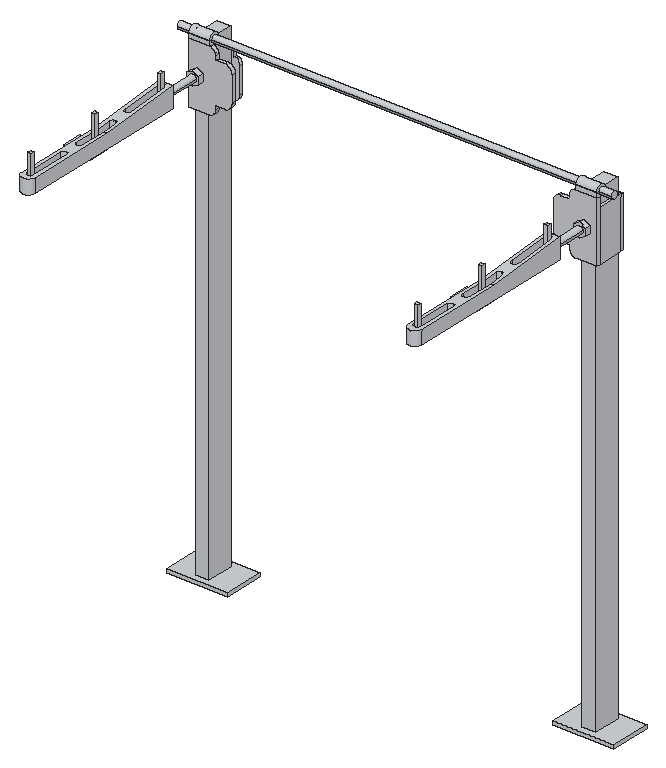
Revit family
Parameters (values of type "MC-41")
  Model = "MC-41"
  Manufacturer = "MIFAB"
  Description = "Lavatory Carrier"
Reference planes (in)
  plane 1 "Center (Front/Back)": y = 0
  plane 2: z = 0
  plane 3 "Center (Left/Right)": x = 0
Forms (in)
  Extrusion 1, solid
    sketch origin (0, 0, 0) x (1, 0, 0) y (0, 1, 0)
      loop
        line (-16.49824, 1.5) -> (-16.49824, -1.5) -> (-11.99824, -1.5) -> (-11.99824, 1.5) -> (-16.49824, 1.5)
      loop
        line (16.50176, 1.5) -> (12.00176, 1.5) -> (12.00176, -1.5) -> (16.50176, -1.5) -> (16.50176, 1.5)
    from 0 to 0.25
  Extrusion 2, solid
    sketch origin (0, 0, 0) x (1, 0, 0) y (0, 1, 0)
      loop
        line (-14.74824, 1) -> (-14.74824, -1) -> (-13.74824, -1) -> (-13.74824, 1) -> (-14.74824, 1)
      loop
        line (14.75176, 1) -> (13.75176, 1) -> (13.75176, -1) -> (14.75176, -1) -> (14.75176, 1)
    from 0.25 to 36
  Extrusion 3, solid
    sketch origin (0, 0, 0) x (1, 0, 0) y (0, 0, 1)
      loop
        line (-15.01765, 35.70792) -> (-15.01765, 31.20792) -> (-13.5084, 31.20792)
        arc (-13.5084, 31.20792) -> (-13.18348, 31.3425) -> (-13.0489, 31.66742) r 0.4595
        line (-13.0489, 31.66742) -> (-13.0489, 31.95792) -> (-12.40223, 31.95792)
        arc (-12.40223, 31.95792) -> (-11.99771, 32.12548) -> (-11.83015, 32.53) r 0.57208
        line (-11.83015, 32.53) -> (-11.83015, 34.38583)
        arc (-11.83015, 34.38583) -> (-11.99771, 34.79036) -> (-12.40223, 34.95792) r 0.57208
        line (-12.40223, 34.95792) -> (-13.0489, 34.95792) -> (-13.0489, 35.24842)
        arc (-13.0489, 35.24842) -> (-13.18348, 35.57333) -> (-13.5084, 35.70792) r 0.4595
        line (-13.5084, 35.70792) -> (-15.01765, 35.70792)
      loop
        line (15.02118, 35.70792) -> (13.51193, 35.70792)
        arc (13.51193, 35.70792) -> (13.18701, 35.57333) -> (13.05243, 35.24842) r 0.4595
        line (13.05243, 35.24842) -> (13.05243, 34.95792) -> (12.40576, 34.95792)
        arc (12.40576, 34.95792) -> (12.00124, 34.79036) -> (11.83368, 34.38583) r 0.57208
        line (11.83368, 34.38583) -> (11.83368, 32.53)
        arc (11.83368, 32.53) -> (12.00124, 32.12548) -> (12.40576, 31.95792) r 0.57208
        line (12.40576, 31.95792) -> (13.05243, 31.95792) -> (13.05243, 31.66742)
        arc (13.05243, 31.66742) -> (13.18701, 31.3425) -> (13.51193, 31.20792) r 0.4595
        line (13.51193, 31.20792) -> (15.02118, 31.20792) -> (15.02118, 35.70792)
    from 1 to 1.25
  Extrusion 4, solid
    sketch origin (0, 0, 0) x (1, 0, 0) y (0, 1, 0)
      loop
        line (-15.01765, 1.17222) -> (-15.01765, -1) -> (-14.74824, -1) -> (-14.74824, 1.17222) -> (-15.01765, 1.17222)
      loop
        line (15.02118, 1.17222) -> (14.75176, 1.17222) -> (14.75176, -1) -> (15.02118, -1) -> (15.02118, 1.17222)
    from 31.20792 to 34.95792
  Extrusion 5, solid
    sketch origin (0, 0, 0) x (1, 0, 0) y (0, 0, 1)
      loop
        line (13.51193, 31.20792) -> (15.02118, 31.20792) -> (15.02118, 34.95792) -> (13.51193, 34.95792) -> (13.51193, 34.03892)
        arc (13.51193, 34.03892) -> (13.18701, 33.90433) -> (13.05243, 33.57942) r 0.4595
        line (13.05243, 33.57942) -> (13.05243, 31.66742)
        arc (13.05243, 31.66742) -> (13.18701, 31.3425) -> (13.51193, 31.20792) r 0.4595
      loop
        line (-15.01765, 34.95792) -> (-15.01765, 31.20792) -> (-13.5084, 31.20792)
        arc (-13.5084, 31.20792) -> (-13.18348, 31.3425) -> (-13.0489, 31.66742) r 0.4595
        line (-13.0489, 31.66742) -> (-13.0489, 33.57942)
        arc (-13.0489, 33.57942) -> (-13.18348, 33.90433) -> (-13.5084, 34.03892) r 0.4595
        line (-13.5084, 34.03892) -> (-13.5084, 34.95792) -> (-15.01765, 34.95792)
    from -1.17222 to -1
  Extrusion 6, solid
    sketch origin (0.00176, 0, 0) x (0, 1, 0) y (0, 0, 1)
      loop
        arc (-1, 36.05469) -> (-0.8261, 36.19805) -> (-0.71854, 36) r 0.14604
        line (-0.71854, 36) -> (-0.46171, 36)
        arc (-0.46171, 36) -> (-0.82655, 36.44978) -> (-1.25, 36.05469) r 0.39604
        line (-1.25, 36.05469) -> (-1.25, 35.70792) -> (-1, 35.70792) -> (-1, 36.05469)
    from 13.51016 to 15.01941
  Extrusion 7, solid
    sketch origin (0, 0, 0) x (0, 1, 0) y (0, 0, -1)
      loop
        line (-1, -36.05469) -> (-1, -35.70792) -> (-1.25, -35.70792) -> (-1.25, -36.05469)
        arc (-1.25, -36.05469) -> (-0.82655, -36.44978) -> (-0.46171, -36) r 0.39604
        line (-0.46171, -36) -> (-0.71854, -36)
        arc (-0.71854, -36) -> (-0.8261, -36.19805) -> (-1, -36.05469) r 0.14604
    from 13.51016 to 15.01941
  Extrusion 8, solid
    sketch origin (64.24718, 0, 0) x (0, 1, 0) y (0, 0, 1)
      loop
        circle (-0.85396, 36.06641) r 0.25
    from -80.24542 to -48.24542
  Extrusion 9, solid
    sketch origin (13.75176, 1.5, 0) x (0, 1, 0) y (0, 0, 1)
      loop
        line (-5.80094, 32.8507) -> (-5.80094, 34.37564) -> (-11.80094, 33.8507) -> (-17.80094, 33.8507) -> (-17.80094, 32.8507) -> (-5.80094, 32.8507)
    from 0 to 1
  Extrusion 10, solid
    sketch origin (0, 0, 0.26247) x (1, 0, 0) y (0, 0, 1)
      loop
        circle (14.25176, 33.3507) r 0.25
      loop
        circle (-14.24824, 33.3507) r 0.25
    from 1.87898 to 4.30094
  Extrusion 11, solid
    sketch origin (0, 0, 0) x (1, 0, 0) y (0, 0, 1)
      loop
        line (13.80665, 33.87016) -> (13.80665, 33.35618) -> (14.25176, 33.09919) -> (14.69688, 33.35618) -> (14.69688, 33.87016) -> (14.25176, 34.12715) -> (13.80665, 33.87016)
      loop
        line (-13.80312, 33.87016) -> (-14.24824, 34.12715) -> (-14.69335, 33.87016) -> (-14.69335, 33.35618) -> (-14.24824, 33.09919) -> (-13.80312, 33.35618) -> (-13.80312, 33.87016)
    from 1.5 to 1.87898
  Extrusion 12, solid
    sketch origin (-13.74824, 1.5, 0) x (0, 1, 0) y (0, 0, -1)
      loop
        line (-5.80094, -32.8507) -> (-17.80094, -32.8507) -> (-17.80094, -33.8507) -> (-11.80094, -33.8507) -> (-5.80094, -34.37564) -> (-5.80094, -32.8507)
    from 0 to 1
  Extrusion 13, solid
    sketch origin (0.00353, 0, 32.8507) x (-1, 0, 0) y (0, -1, 0)
      loop
        line (13.75176, 16.30094) -> (14.75176, 16.30094) -> (14.75176, 17)
        arc (14.75176, 17) -> (14.25176, 17.5) -> (13.75176, 17) r 0.5
        line (13.75176, 17) -> (13.75176, 16.30094)
    from 0 to 1
  Extrusion 14, solid
    sketch origin (0, 0, 32.8507) x (1, 0, 0) y (0, 1, 0)
      loop
        line (13.75176, -16.30094) -> (13.75176, -17)
        arc (13.75176, -17) -> (14.25176, -17.5) -> (14.75176, -17) r 0.5
        line (14.75176, -17) -> (14.75176, -16.30094) -> (13.75176, -16.30094)
    from 0 to 1
  Extrusion 15, void
    sketch origin (0, 0, 0) x (1, 0, 0) y (0, 1, 0)
      loop
        line (-14.49824, -4.80094) -> (-14.49824, -7.80094)
        arc (-14.49824, -7.80094) -> (-14.24824, -8.05094) -> (-13.99824, -7.80094) r 0.25
        line (-13.99824, -7.80094) -> (-13.99824, -4.80094)
        arc (-13.99824, -4.80094) -> (-14.24824, -4.55094) -> (-14.49824, -4.80094) r 0.25
      loop
        line (-14.49824, -9.30094) -> (-14.49824, -12.30094)
        arc (-14.49824, -12.30094) -> (-14.24824, -12.55094) -> (-13.99824, -12.30094) r 0.25
        line (-13.99824, -12.30094) -> (-13.99824, -9.30094)
        arc (-13.99824, -9.30094) -> (-14.24824, -9.05094) -> (-14.49824, -9.30094) r 0.25
      loop
        line (-14.49824, -13.80094) -> (-14.49824, -16.80094)
        arc (-14.49824, -16.80094) -> (-14.24824, -17.05094) -> (-13.99824, -16.80094) r 0.25
        line (-13.99824, -16.80094) -> (-13.99824, -13.80094)
        arc (-13.99824, -13.80094) -> (-14.24824, -13.55094) -> (-14.49824, -13.80094) r 0.25
      loop
        arc (14.50176, -4.80094) -> (14.25176, -4.55094) -> (14.00176, -4.80094) r 0.25
        line (14.00176, -4.80094) -> (14.00176, -7.80094)
        arc (14.00176, -7.80094) -> (14.25176, -8.05094) -> (14.50176, -7.80094) r 0.25
        line (14.50176, -7.80094) -> (14.50176, -4.80094)
      loop
        arc (14.50176, -9.30094) -> (14.25176, -9.05094) -> (14.00176, -9.30094) r 0.25
        line (14.00176, -9.30094) -> (14.00176, -12.30094)
        arc (14.00176, -12.30094) -> (14.25176, -12.55094) -> (14.50176, -12.30094) r 0.25
        line (14.50176, -12.30094) -> (14.50176, -9.30094)
      loop
        arc (14.50176, -13.80094) -> (14.25176, -13.55094) -> (14.00176, -13.80094) r 0.25
        line (14.00176, -13.80094) -> (14.00176, -16.80094)
        arc (14.00176, -16.80094) -> (14.25176, -17.05094) -> (14.50176, -16.80094) r 0.25
        line (14.50176, -16.80094) -> (14.50176, -13.80094)
    from 33.29844 to 34.37564
  Extrusion 16, solid
    sketch origin (0, 0, 0) x (1, 0, 0) y (0, 1, 0)
      loop
        line (-14.37324, -16.67594) -> (-14.37324, -16.92594) -> (-14.12324, -16.92594) -> (-14.12324, -16.67594) -> (-14.37324, -16.67594)
      loop
        line (14.37676, -16.67594) -> (14.12676, -16.67594) -> (14.12676, -16.92594) -> (14.37676, -16.92594) -> (14.37676, -16.67594)
      loop
        line (-14.37324, -4.95816) -> (-14.12324, -4.95816) -> (-14.12324, -4.70816) -> (-14.37324, -4.70816) -> (-14.37324, -4.95816)
      loop
        line (14.37676, -4.95816) -> (14.37676, -4.70816) -> (14.12676, -4.70816) -> (14.12676, -4.95816) -> (14.37676, -4.95816)
    from 33.29844 to 35.29844
  Extrusion 17, solid
    sketch origin (0, 0, 0.64279) x (1, 0, 0) y (0, 1, 0)
      loop
        line (-15.99824, -10.07993) -> (-15.99824, -11.57993) -> (-13.99824, -11.57993) -> (-13.99824, -10.07993) -> (-15.99824, -10.07993)
      loop
        line (12.50176, -10.07993) -> (12.50176, -11.57993) -> (14.50176, -11.57993) -> (14.50176, -10.07993) -> (12.50176, -10.07993)
    from 31.95792 to 32.20792
  Extrusion 18, solid
    sketch origin (0, 5.89811, 0) x (1, 0, 0) y (0, 1, 0)
      loop
        line (-14.37324, -16.67594) -> (-14.37324, -16.92594) -> (-14.12324, -16.92594) -> (-14.12324, -16.67594) -> (-14.37324, -16.67594)
      loop
        line (14.37676, -16.67594) -> (14.12676, -16.67594) -> (14.12676, -16.92594) -> (14.37676, -16.92594) -> (14.37676, -16.67594)
    from 33.29844 to 35.29844
Cuts and joins
  Extrusion 15 cuts Extrusion 12
  Extrusion 15 cuts Extrusion 13
  joined: Extrusion 12, Extrusion 13
  Extrusion 15 cuts Extrusion 9
  Extrusion 15 cuts Extrusion 14
  joined: Extrusion 9, Extrusion 14
Dimensions and locks (in)
  Extrusion 1 sketch curve to Extrusion 1 sketch curve = 2' - 0"  (x2)
  locked: Extrusion 1 sketch curve to Extrusion 1 sketch curve at 4.5  (x2)
  aligned and locked: Extrusion 2 to Extrusion 1
  aligned and locked: Extrusion 3 to Extrusion 2
  aligned and locked: Extrusion 4 to Extrusion 3  (x2)
  aligned and locked: Extrusion 5 to Extrusion 2
  aligned and locked: Extrusion 5 to Extrusion 4
